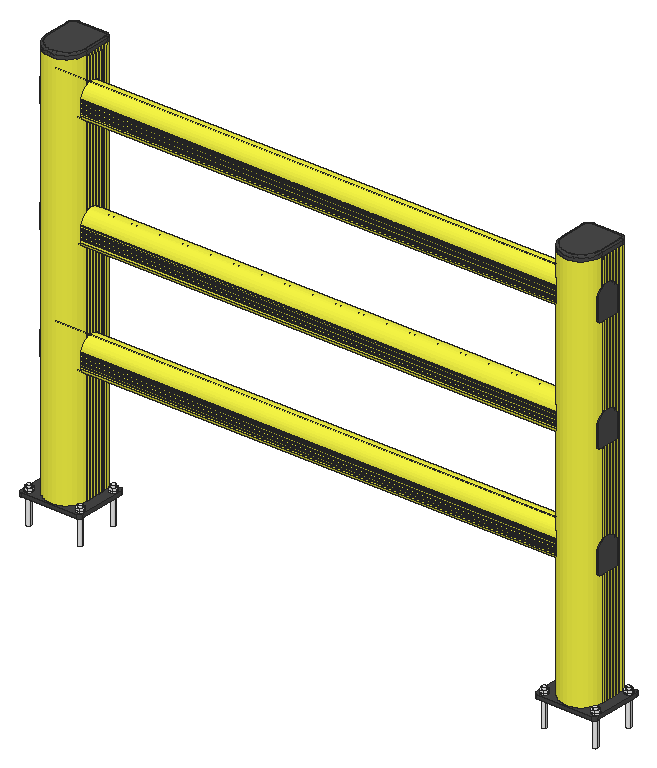
Revit family "Safety & Protection_Barrier_UltiGroup_Pedestrian Guard Rail", category Generic Models, Revit 2016 (continued)
Forms (mm)
  Extrusion 26, solid, material "PVC Black" <- "PVC Black", visible <- "PED 90"
    sketch origin (785, 31.933, 1200) x (0, 1, 0) y (0, 0, -1)
      loop
        arc (-41.936, 814.535) -> (-19.351, 792.142) -> (3.064, 814.704) r 22.5
      loop
        line (3.064, 468.704) -> (3.064, 497.604)
        arc (3.064, 497.604) -> (1.17, 502.128) -> (-3.364, 504) r 6.429
        line (-3.364, 504) -> (-35.507, 504)
        arc (-35.507, 504) -> (-40.053, 502.117) -> (-41.936, 497.571) r 6.429
        line (-41.936, 497.571) -> (-41.936, 468.535)
        arc (-41.936, 468.535) -> (-19.351, 446.142) -> (3.064, 468.704) r 22.5
      loop
        line (3.064, 122.704) -> (3.064, 151.604)
        arc (3.064, 151.604) -> (1.17, 156.128) -> (-3.364, 158) r 6.429
        line (-3.364, 158) -> (-35.507, 158)
        arc (-35.507, 158) -> (-40.053, 156.117) -> (-41.936, 151.571) r 6.429
        line (-41.936, 151.571) -> (-41.936, 122.535)
        arc (-41.936, 122.535) -> (-19.351, 100.142) -> (3.064, 122.704) r 22.5
    from -5 to 0
  Extrusion 27, solid, material "PVC Black" <- "PVC Black", visible <- "PED 90"
    sketch origin (-785, 31.933, 1200) x (0, 1, 0) y (0, 0, 1)
      loop
        line (-41.936, -814.535) -> (-41.936, -843.571)
        arc (-41.936, -843.571) -> (-40.053, -848.117) -> (-35.507, -850) r 6.429
        line (-35.507, -850) -> (-3.364, -850)
        arc (-3.364, -850) -> (1.182, -848.116) -> (3.064, -843.571) r 6.429
        line (3.064, -843.571) -> (3.064, -814.642)
        arc (3.064, -814.642) -> (-19.382, -792.142) -> (-41.936, -814.535) r 22.5
      loop
        line (-41.936, -468.535) -> (-41.936, -497.571)
        arc (-41.936, -497.571) -> (-40.053, -502.117) -> (-35.507, -504) r 6.429
        line (-35.507, -504) -> (-3.364, -503.999)
        arc (-3.364, -503.999) -> (1.17, -502.128) -> (3.064, -497.604) r 6.429
        line (3.064, -497.604) -> (3.064, -468.704)
        arc (3.064, -468.704) -> (-19.351, -446.142) -> (-41.936, -468.535) r 22.5
      loop
        line (-41.936, -122.535) -> (-41.936, -151.571)
        arc (-41.936, -151.571) -> (-40.053, -156.117) -> (-35.507, -158) r 6.429
        line (-35.507, -158) -> (-3.364, -157.999)
        arc (-3.364, -157.999) -> (1.17, -156.128) -> (3.064, -151.604) r 6.429
        line (3.064, -151.604) -> (3.064, -122.704)
        arc (3.064, -122.704) -> (-19.351, -100.142) -> (-41.936, -122.535) r 22.5
    from -5 to 0
  Extrusion 28, solid, material "Steel Black" <- "Steel Black", visible <- "PED 90"
    sketch origin (0, 0, 0) x (1, 0, 0) y (0, 1, 0)
      loop
        line (-810, 50) -> (-810, -50)
        arc (-810, -50) -> (-807.071, -57.071) -> (-800, -60) r 10
        line (-800, -60) -> (-700, -60)
        arc (-700, -60) -> (-692.929, -57.071) -> (-690, -50) r 10
        line (-690, -50) -> (-690, 50)
        arc (-690, 50) -> (-692.929, 57.071) -> (-700, 60) r 10
        line (-700, 60) -> (-800, 60)
        arc (-800, 60) -> (-807.071, 57.071) -> (-810, 50) r 10
      loop
        circle (-795, 45) r 6
      loop
        circle (-705, 45) r 6
      loop
        circle (-795, -45) r 6
      loop
        circle (-705, -45) r 6
      loop
        line (690, 50) -> (690, -50)
        arc (690, -50) -> (692.929, -57.071) -> (700, -60) r 10
        line (700, -60) -> (800, -60)
        arc (800, -60) -> (807.071, -57.071) -> (810, -50) r 10
        line (810, -50) -> (810, 50)
        arc (810, 50) -> (807.071, 57.071) -> (800, 60) r 10
        line (800, 60) -> (700, 60)
        arc (700, 60) -> (692.929, 57.071) -> (690, 50) r 10
      loop
        circle (705, 45) r 6
      loop
        circle (795, 45) r 6
      loop
        circle (705, -45) r 6
      loop
        circle (795, -45) r 6
    from 0 to 10
  Extrusion 29, solid, material "SS Bolts" <- "Stainless Steel", visible <- "PED 90"
    sketch origin (-2440.483, -1524, -80) x (-1, 0, 0) y (0, -1, 0)
      loop
        circle (-1645.483, -1569) r 6
      loop
        circle (-1735.483, -1569) r 6
      loop
        circle (-1645.483, -1479) r 6
      loop
        circle (-1735.483, -1479) r 6
      loop
        circle (-3145.483, -1569) r 6
      loop
        circle (-3235.483, -1569) r 6
      loop
        circle (-3235.483, -1479) r 6
      loop
        circle (-3145.483, -1479) r 6
    from 0 to 105
  Extrusion 30, solid, material "SS Bolts" <- "Stainless Steel", visible <- "PED 90"
    sketch origin (-2440.483, -1524, 10) x (-1, 0, 0) y (0, -1, 0)
      loop
        circle (-3145.483, -1569) r 6
      loop
        circle (-3235.483, -1569) r 6
      loop
        circle (-3235.483, -1479) r 6
      loop
        circle (-3145.483, -1479) r 6
      loop
        circle (-1645.483, -1569) r 6
      loop
        circle (-1735.483, -1569) r 6
      loop
        circle (-1735.483, -1479) r 6
      loop
        circle (-1645.483, -1479) r 6
      loop
        circle (-1645.483, -1569) r 11
      loop
        circle (-1735.483, -1569) r 11
      loop
        circle (-1735.483, -1479) r 11
      loop
        circle (-1645.483, -1479) r 11
      loop
        circle (-3235.483, -1569) r 11
      loop
        circle (-3145.483, -1569) r 11
      loop
        circle (-3145.483, -1479) r 11
      loop
        circle (-3235.483, -1479) r 11
    from 0 to 2
  Extrusion 31, solid, material "SS Bolts" <- "Stainless Steel", visible <- "PED 90"
    sketch origin (-2440.483, -1524, 10) x (-1, 0, 0) y (0, -1, 0)
      loop
        circle (-3145.483, -1569) r 6
      loop
        circle (-3235.483, -1569) r 6
      loop
        circle (-3235.483, -1479) r 6
      loop
        circle (-3145.483, -1479) r 6
      loop
        circle (-1645.483, -1569) r 6
      loop
        circle (-1735.483, -1569) r 6
      loop
        circle (-1735.483, -1479) r 6
      loop
        circle (-1645.483, -1479) r 6
      loop
        line (-1656.483, -1479) -> (-1650.983, -1488.526) -> (-1639.983, -1488.526) -> (-1634.483, -1479) -> (-1639.983, -1469.474) -> (-1650.983, -1469.474) -> (-1656.483, -1479)
      loop
        line (-1746.483, -1479) -> (-1740.983, -1488.526) -> (-1729.983, -1488.526) -> (-1724.483, -1479) -> (-1729.983, -1469.474) -> (-1740.983, -1469.474) -> (-1746.483, -1479)
      loop
        line (-1746.483, -1569) -> (-1740.983, -1578.526) -> (-1729.983, -1578.526) -> (-1724.483, -1569) -> (-1729.983, -1559.474) -> (-1740.983, -1559.474) -> (-1746.483, -1569)
      loop
        line (-1656.483, -1569) -> (-1650.983, -1578.526) -> (-1639.983, -1578.526) -> (-1634.483, -1569) -> (-1639.983, -1559.474) -> (-1650.983, -1559.474) -> (-1656.483, -1569)
      loop
        line (-3156.483, -1569) -> (-3150.983, -1578.526) -> (-3139.983, -1578.526) -> (-3134.483, -1569) -> (-3139.983, -1559.474) -> (-3150.983, -1559.474) -> (-3156.483, -1569)
      loop
        line (-3246.483, -1569) -> (-3240.983, -1578.526) -> (-3229.983, -1578.526) -> (-3224.483, -1569) -> (-3229.983, -1559.474) -> (-3240.983, -1559.474) -> (-3246.483, -1569)
      loop
        line (-3246.483, -1479) -> (-3240.983, -1488.526) -> (-3229.983, -1488.526) -> (-3224.483, -1479) -> (-3229.983, -1469.474) -> (-3240.983, -1469.474) -> (-3246.483, -1479)
      loop
        line (-3156.483, -1479) -> (-3150.983, -1488.526) -> (-3139.983, -1488.526) -> (-3134.483, -1479) -> (-3139.983, -1469.474) -> (-3150.983, -1469.474) -> (-3156.483, -1479)
    from 0 to 10
Cuts and joins
  Extrusion 3, Extrusion 4 cuts Extrusion 2
  Extrusion 17, Extrusion 18 cuts Extrusion 13
  Extrusion 18 cuts Extrusion 8
  joined: Extrusion 29, Extrusion 30, Extrusion 31
Lines and regions (mm)
  sketch lines
    curve 1: line (-708.321, 75.017, 1173) -> (-791.662, 75.017, 1173)
    curve 2: arc (-808.337, 58.342, 1173) -> (-803.453, 70.133, 1173) -> (-791.662, 75.017, 1173) r 16.675
    curve 3: line (-808.337, 58.342, 1173) -> (-808.337, -16.759, 1173)
    curve 4: arc (-691.673, -17.635, 1173) -> (-750.437, -75.091, 1173) -> (-808.333, -16.759, 1173) r 58.333
    curve 5: line (-691.673, -17.635, 1173) -> (-691.673, 58.369, 1173)
    curve 6: arc (-708.321, 75.017, 1173) -> (-696.549, 70.141, 1173) -> (-691.673, 58.369, 1173) r 16.648
    curve 7: line (-725, 45, 1173) -> (-775, 45, 1173)
    curve 8: arc (-725, 45, 1173) -> (-717.929, 42.071, 1173) -> (-715, 35, 1173) r 10
    curve 9: line (-715, -10.047, 1173) -> (-715, 35, 1173)
    curve 10: arc (-715, -10.047, 1173) -> (-750.051, -44.945, 1173) -> (-785, -9.945, 1173) r 35
    curve 11: line (-785, 35.099, 1173) -> (-785, -9.945, 1173)
    curve 12: arc (-785, 35.099, 1173) -> (-782.036, 42.106, 1173) -> (-775, 45, 1173) r 10.001
    curve 13: line (775, 45, 1173) -> (725, 45, 1173)
    curve 14: arc (715, 34.999, 1173) -> (717.929, 42.07, 1173) -> (725, 44.999, 1173) r 10
    curve 15: line (715, 34.999, 1173) -> (715, -9.96, 1173)
    curve 16: arc (785, -9.96, 1173) -> (750, -44.96, 1173) -> (715, -9.96, 1173) r 35
    curve 17: line (785, -9.96, 1173) -> (785, 35, 1173)
    curve 18: arc (775, 45, 1173) -> (782.071, 42.071, 1173) -> (785, 35, 1173) r 10
    curve 19: line (808.337, -16.759, 1173) -> (808.337, 58.342, 1173)
    curve 20: arc (791.662, 75.017, 1173) -> (803.453, 70.133, 1173) -> (808.337, 58.342, 1173) r 16.675
    curve 21: line (791.662, 75.017, 1173) -> (708.321, 75.017, 1173)
    curve 22: arc (691.673, 58.369, 1173) -> (696.549, 70.141, 1173) -> (708.321, 75.017, 1173) r 16.648
    curve 23: line (691.673, 58.369, 1173) -> (691.673, -17.635, 1173)
    curve 24: arc (808.333, -16.759, 1173) -> (750.437, -75.091, 1173) -> (691.673, -17.635, 1173) r 58.333
    curve 25: line (-725, 45, 1173) -> (-775, 45, 1173)
    curve 26: arc (-785, 35.099, 1173) -> (-782.036, 42.106, 1173) -> (-775, 45, 1173) r 10.001
    curve 27: line (-785, 35.099, 1173) -> (-785, -9.945, 1173)
    curve 28: arc (-715, -10.047, 1173) -> (-750.051, -44.945, 1173) -> (-785, -9.945, 1173) r 35
    curve 29: line (-715, -10.047, 1173) -> (-715, 35, 1173)
    curve 30: arc (-725, 45, 1173) -> (-717.929, 42.071, 1173) -> (-715, 35, 1173) r 10
    curve 31: line (775, 45, 1173) -> (725, 45, 1173)
    curve 32: arc (715, 34.999, 1173) -> (717.929, 42.07, 1173) -> (725, 44.999, 1173) r 10
    curve 33: line (715, 34.999, 1173) -> (715, -9.96, 1173)
    curve 34: arc (785, -9.96, 1173) -> (750, -44.96, 1173) -> (715, -9.96, 1173) r 35
    curve 35: line (785, -9.96, 1173) -> (785, 35, 1173)
    curve 36: arc (775, 45, 1173) -> (782.071, 42.071, 1173) -> (785, 35, 1173) r 10
Dimensions and locks
  equal spacing: plane 4, plane 3 "Center (Left/Right)", plane 5
  equal spacing: plane 7, plane 4, plane 8
  equal spacing: plane 9, plane 5, plane 10
  equal spacing: plane 11, plane 1 "Center (Front/Back)", plane 12
  "Plate Length 2": plane 11 to plane 12
  "Plate Length 1": plane 7 to plane 8
  "Plate Length 1": plane 9 to plane 10
  "Post Distance": plane 4 to plane 5
  locked: plane 6 to plane 14 at 15
  locked: plane 7 to plane 15 at 31.663
  locked: plane 16 to plane 8 at 31.673
  locked: plane 11 to plane 17 at 4.983
  locked: plane 18 to plane 12 at 4.907
  locked: plane 10 to plane 19 at 31.663
  locked: plane 20 to plane 9 at 31.673
  "Steel Support Height": plane 21 to level
  locked: plane 22 to plane 1 "Center (Front/Back)" at 35
  locked: plane 1 "Center (Front/Back)" to plane 23 at 35
  "PVC Post Insert": plane 13 to level
  locked: plane 6 to plane 25 at 178
  locked: plane 25 to plane 26 at 330
  locked: plane 26 to plane 27 at 330
  locked: plane 6 to plane 13 at 1178
  locked: level to plane 28 at 80
  locked: plane 17 to plane 29 at 30.017
  locked: plane 15 to plane 30 at 23.337
  locked: plane 31 to plane 16 at 23.327
  locked: plane 19 to plane 32 at 23.337
  locked: plane 33 to plane 20 at 23.327
  locked: plane 34 to plane 4 at 60
  locked: plane 4 to plane 35 at 60
  locked: plane 37 to plane 1 "Center (Front/Back)" at 60
  locked: plane 1 "Center (Front/Back)" to plane 36 at 60
  locked: plane 38 to plane 5 at 60
  locked: plane 5 to plane 39 at 60
  locked: plane 40 to level at 1100
  locked: plane 40 to plane 41 at 58
  locked: plane 42 to plane 27 at 58
  locked: plane 43 to plane 44 at 58
  locked: plane 44 to level at 696
  aligned and locked: level to plane 2
  aligned and locked: Extrusion 1 sketch curve to plane 7
  aligned and locked: Extrusion 1 sketch curve to plane 11
  aligned and locked: Extrusion 1 sketch curve to plane 12
  aligned and locked: Extrusion 1 sketch curve to plane 8
  aligned and locked: Extrusion 1 sketch curve to plane 9
  aligned and locked: Extrusion 1 sketch curve to plane 10
  aligned and locked: Extrusion 2 to plane 14
  aligned and locked: Extrusion 2 sketch curve to plane 15
  aligned and locked: Extrusion 2 sketch curve to plane 16
  aligned and locked: Extrusion 2 sketch curve to plane 17
  aligned and locked: plane 20 to Extrusion 2 sketch curve
  aligned and locked: plane 19 to Extrusion 2 sketch curve
  aligned and locked: plane 25 to Extrusion 3 sketch curve
  aligned and locked: plane 26 to Extrusion 3 sketch curve
  aligned and locked: plane 27 to Extrusion 3 sketch curve
  aligned and locked: plane 27 to Extrusion 4 sketch curve
  aligned and locked: plane 26 to Extrusion 4 sketch curve
  aligned and locked: plane 25 to Extrusion 4 sketch curve
  aligned and locked: Extrusion 4 to plane 9
  aligned and locked: plane 6 to Extrusion 6
  aligned and locked: Extrusion 7 sketch curve to cut or joined group of Extrusion 2, Extrusion 3, Extrusion 4  (x9)
  aligned and locked: plane 25 to Extrusion 8 sketch curve
  aligned and locked: plane 26 to Extrusion 8 sketch curve
  aligned and locked: plane 27 to Extrusion 8 sketch curve
  aligned and locked: Extrusion 8 sketch curve to cut or joined group of Extrusion 2, Extrusion 3, Extrusion 4
  aligned and locked: plane 21 to Extrusion 12
  aligned and locked: Extrusion 13 sketch curve to plane 31
  aligned and locked: plane 6 to Extrusion 16
  aligned and locked: plane 25 to Extrusion 7 sketch curve
  aligned and locked: plane 26 to Extrusion 7 sketch curve
  aligned and locked: plane 27 to Extrusion 7 sketch curve
  aligned and locked: profile plane to Sweep 19 sketch curve  (x2)
  aligned and locked: profile plane to Sweep 20 sketch curve  (x2)
  aligned and locked: profile plane to Sweep 21 sketch curve  (x2)
  aligned and locked: plane 6 to Extrusion 22
  aligned and locked: plane 25 to Extrusion 23 sketch curve
  aligned and locked: plane 26 to Extrusion 23 sketch curve
  aligned and locked: plane 27 to Extrusion 23 sketch curve
  aligned and locked: Extrusion 23 to plane 19
  aligned and locked: Extrusion 24 sketch curve to cut or joined group of Extrusion 13, Extrusion 17, Extrusion 18  (x6)
  aligned and locked: plane 21 to Extrusion 24
  aligned and locked: Extrusion 25 to plane 32
  aligned and locked: Extrusion 25 sketch curve to plane 27
  aligned and locked: plane 27 to Extrusion 26 sketch curve
  aligned and locked: Extrusion 27 sketch curve to plane 27
  aligned and locked: Extrusion 17 sketch curve to plane 27
  aligned and locked: plane 27 to Extrusion 18 sketch curve
  aligned and locked: plane 34 to Extrusion 28 sketch curve
  aligned and locked: plane 35 to Extrusion 28 sketch curve
  aligned and locked: plane 36 to Extrusion 28 sketch curve
  aligned and locked: plane 37 to Extrusion 28 sketch curve
  aligned and locked: plane 13 to Extrusion 28
  aligned and locked: plane 38 to Extrusion 28 sketch curve
  aligned and locked: plane 39 to Extrusion 28 sketch curve
  aligned and locked: Extrusion 29 sketch curve to Extrusion 28  (x16)
  aligned and locked: Extrusion 30 sketch curve to Extrusion 29  (x16)
  aligned and locked: Extrusion 31 sketch curve to cut or joined group of Extrusion 29, Extrusion 30, Extrusion 31  (x16)
  aligned and locked: Extrusion 25 sketch curve to plane 41
  aligned and locked: Extrusion 25 sketch curve to plane 44
  aligned and locked: Extrusion 26 sketch curve to plane 41
  aligned and locked: Extrusion 26 sketch curve to plane 44
  aligned and locked: Extrusion 27 sketch curve to plane 44
  aligned and locked: Extrusion 27 sketch curve to plane 41
  aligned and locked: Extrusion 17 sketch curve to plane 41
  aligned and locked: Extrusion 17 sketch curve to plane 44
  aligned and locked: Extrusion 18 sketch curve to plane 44
  aligned and locked: Extrusion 18 sketch curve to plane 41
Automatic sketch dimensions
  plane 23 to Extrusion 3 sketch curve = 1 mm  (x3)
  Extrusion 3 sketch curve to plane 23 = 10 mm  (x3)
  plane 1 "Center (Front/Back)" to Extrusion 3 sketch curve = 0 mm  (x3)
  plane 22 to Extrusion 3 sketch curve = 10 mm  (x3)
  Extrusion 3 sketch curve to Extrusion 3 sketch curve = 44.972 mm  (x2)
  Extrusion 3 sketch curve to Extrusion 3 sketch curve = 44.971 mm
  plane 25 to Extrusion 3 sketch curve = 10 mm
  plane 25 to Extrusion 3 sketch curve = 10.001 mm
  plane 26 to Extrusion 3 sketch curve = 10 mm
  plane 26 to Extrusion 3 sketch curve = 10.001 mm
  plane 27 to Extrusion 3 sketch curve = 10 mm
  plane 27 to Extrusion 3 sketch curve = 10.001 mm
  Extrusion 4 sketch curve to Extrusion 4 sketch curve = 0 mm  (x4)
  plane 22 to Extrusion 4 sketch curve = 10 mm  (x2)
  plane 22 to Extrusion 4 sketch curve = 5.417 mm
  Extrusion 4 sketch curve to Extrusion 4 sketch curve = 44.972 mm  (x2)
  plane 1 "Center (Front/Back)" to Extrusion 4 sketch curve = 0 mm  (x3)
  Extrusion 4 sketch curve to plane 23 = 10 mm  (x3)
  plane 25 to Extrusion 4 sketch curve = 10.001 mm
  plane 23 to Extrusion 4 sketch curve = 1 mm  (x3)
  plane 27 to Extrusion 4 sketch curve = 54.973 mm
  plane 27 to Extrusion 4 sketch curve = 10 mm
  Extrusion 1 sketch curve to plane 11 = 0 mm
  Extrusion 1 sketch curve to plane 12 = 0 mm
  plane 18 to Extrusion 1 sketch curve = 5.093 mm  (x3)
  plane 7 to Extrusion 1 sketch curve = 10 mm
  Extrusion 1 sketch curve to Extrusion 1 sketch curve = 5 mm  (x4)
  Extrusion 1 sketch curve to plane 8 = 15 mm  (x2)
  Extrusion 1 sketch curve to plane 8 = 10 mm
  Extrusion 1 sketch curve to plane 17 = 5.017 mm
  plane 9 to Extrusion 1 sketch curve = 10 mm
  Extrusion 1 sketch curve to plane 10 = 15 mm  (x2)
  Extrusion 1 sketch curve to plane 10 = 10 mm
  Extrusion 1 sketch curve to Extrusion 1 sketch curve = 10 mm  (x8)
  Extrusion 2 sketch curve to plane 19 = 0 mm
  plane 17 to Extrusion 2 sketch curve = 0 mm
  Extrusion 2 sketch curve to plane 20 = 0 mm
  Extrusion 2 sketch curve to plane 1 "Center (Front/Back)" = 0.696 mm  (x4)
  Extrusion 2 sketch curve to plane 19 = 4.154 mm  (x2)
  Extrusion 2 sketch curve to plane 19 = 4.155 mm  (x3)
  Extrusion 2 sketch curve to plane 23 = 1.213 mm  (x2)
  plane 29 to Extrusion 2 sketch curve = 0.184 mm  (x2)
  Extrusion 2 sketch curve to plane 19 = 4.156 mm
  plane 19 to Extrusion 2 sketch curve = 2.361 mm
  plane 19 to Extrusion 2 sketch curve = 4.17 mm
  plane 19 to Extrusion 2 sketch curve = 4.171 mm  (x4)
  plane 19 to Extrusion 2 sketch curve = 6.139 mm
  Extrusion 2 sketch curve to plane 29 = 1.668 mm
  Extrusion 2 sketch curve to plane 32 = 6.666 mm
  Extrusion 2 sketch curve to plane 32 = 6.662 mm
  plane 32 to Extrusion 2 sketch curve = 5 mm
  Extrusion 2 sketch curve to plane 5 = 0 mm
  Extrusion 2 sketch curve to plane 5 = 0.001 mm
  Extrusion 2 sketch curve to plane 33 = 5.199 mm
  Extrusion 2 sketch curve to plane 29 = 1.669 mm  (x2)
  plane 33 to Extrusion 2 sketch curve = 6.679 mm
  Extrusion 2 sketch curve to plane 20 = 6.128 mm
  Extrusion 2 sketch curve to plane 20 = 4.163 mm
  Extrusion 2 sketch curve to plane 20 = 4.162 mm
  Extrusion 2 sketch curve to plane 20 = 4.161 mm  (x3)
  Extrusion 2 sketch curve to plane 20 = 2.355 mm
  plane 29 to Extrusion 2 sketch curve = 0.178 mm  (x2)
  plane 20 to Extrusion 2 sketch curve = 4.162 mm
  plane 20 to Extrusion 2 sketch curve = 4.163 mm
  Extrusion 2 sketch curve to plane 23 = 1.211 mm  (x2)
  plane 20 to Extrusion 2 sketch curve = 4.164 mm  (x3)
  plane 20 to Extrusion 2 sketch curve = 4.165 mm
  plane 16 to Extrusion 2 sketch curve = 4.165 mm
  plane 16 to Extrusion 2 sketch curve = 4.164 mm  (x3)
  plane 16 to Extrusion 2 sketch curve = 4.163 mm
  plane 16 to Extrusion 2 sketch curve = 4.162 mm
  plane 16 to Extrusion 2 sketch curve = 0 mm
  Extrusion 2 sketch curve to plane 16 = 2.355 mm
  Extrusion 2 sketch curve to plane 16 = 4.161 mm  (x3)
  Extrusion 2 sketch curve to plane 16 = 4.162 mm
  Extrusion 2 sketch curve to plane 16 = 4.163 mm
  Extrusion 2 sketch curve to plane 16 = 6.128 mm
  plane 31 to Extrusion 2 sketch curve = 6.679 mm
  plane 31 to Extrusion 2 sketch curve = 6.668 mm
  Extrusion 2 sketch curve to plane 31 = 4.999 mm
  Extrusion 2 sketch curve to plane 31 = 5.199 mm
  plane 4 to Extrusion 2 sketch curve = 0.001 mm
  plane 4 to Extrusion 2 sketch curve = 0 mm
  plane 30 to Extrusion 2 sketch curve = 5 mm
  Extrusion 2 sketch curve to plane 30 = 6.662 mm
  plane 15 to Extrusion 2 sketch curve = 6.139 mm
  plane 15 to Extrusion 2 sketch curve = 4.171 mm  (x4)
  plane 15 to Extrusion 2 sketch curve = 4.17 mm
  plane 15 to Extrusion 2 sketch curve = 2.361 mm
  plane 15 to Extrusion 2 sketch curve = 0 mm
  Extrusion 2 sketch curve to plane 15 = 4.154 mm  (x2)
  Extrusion 2 sketch curve to plane 15 = 4.155 mm  (x3)
  Extrusion 2 sketch curve to plane 15 = 4.156 mm
  Extrusion 2 sketch curve to plane 29 = 3.242 mm  (x4)
  Extrusion 2 sketch curve to Extrusion 2 sketch curve = 0.112 mm  (x2)
  Extrusion 2 sketch curve to Extrusion 2 sketch curve = 0.118 mm  (x2)
  plane 23 to Extrusion 2 sketch curve = 4.303 mm  (x4)
  Extrusion 2 sketch curve to plane 23 = 6.726 mm  (x2)
  Extrusion 2 sketch curve to plane 23 = 6.727 mm  (x2)
  Extrusion 2 sketch curve to Extrusion 2 sketch curve = 5.515 mm  (x2)
  Extrusion 2 sketch curve to Extrusion 2 sketch curve = 5.516 mm  (x4)
  Extrusion 2 sketch curve to Extrusion 2 sketch curve = 5.514 mm  (x4)
  Extrusion 2 sketch curve to Extrusion 2 sketch curve = 5.517 mm  (x4)
  Extrusion 2 sketch curve to plane 1 "Center (Front/Back)" = 6.214 mm  (x4)
  plane 1 "Center (Front/Back)" to Extrusion 2 sketch curve = 4.82 mm  (x4)
  Extrusion 2 sketch curve to Extrusion 2 sketch curve = 5.518 mm  (x2)
  Extrusion 2 sketch curve to Extrusion 2 sketch curve = 3.668 mm  (x2)
  Extrusion 2 sketch curve to Extrusion 2 sketch curve = 3.782 mm  (x2)
  Extrusion 2 sketch curve to Extrusion 2 sketch curve = 0.628 mm  (x2)
  Extrusion 2 sketch curve to Extrusion 2 sketch curve = 0.514 mm  (x2)
  plane 1 "Center (Front/Back)" to Extrusion 2 sketch curve = 16.666 mm  (x2)
  Extrusion 2 sketch curve to Extrusion 2 sketch curve = 0.094 mm  (x2)
  Extrusion 2 sketch curve to Extrusion 2 sketch curve = 3.63 mm  (x2)
  Extrusion 2 sketch curve to plane 19 = 0.131 mm  (x2)
  Extrusion 2 sketch curve to plane 19 = 0.132 mm  (x2)
  Extrusion 2 sketch curve to plane 19 = 0.133 mm
  plane 19 to Extrusion 2 sketch curve = 0.153 mm  (x3)
  plane 19 to Extrusion 2 sketch curve = 0.154 mm  (x2)
  plane 19 to Extrusion 2 sketch curve = 0.295 mm
  Extrusion 2 sketch curve to plane 20 = 0.369 mm
  Extrusion 2 sketch curve to plane 20 = 0.285 mm
  Extrusion 2 sketch curve to plane 20 = 0.14 mm
  Extrusion 2 sketch curve to plane 20 = 0.139 mm  (x2)
  Extrusion 2 sketch curve to plane 20 = 0.138 mm  (x2)
  plane 20 to Extrusion 2 sketch curve = 0.144 mm
  plane 20 to Extrusion 2 sketch curve = 0.146 mm
  plane 20 to Extrusion 2 sketch curve = 0.147 mm  (x2)
  plane 16 to Extrusion 2 sketch curve = 0.147 mm  (x3)
  plane 16 to Extrusion 2 sketch curve = 0.146 mm
  plane 16 to Extrusion 2 sketch curve = 0.144 mm
  Extrusion 2 sketch curve to plane 16 = 0.138 mm  (x2)
  Extrusion 2 sketch curve to plane 16 = 0.139 mm  (x2)
  Extrusion 2 sketch curve to plane 16 = 0.14 mm
  Extrusion 2 sketch curve to plane 16 = 0.285 mm
  plane 15 to Extrusion 2 sketch curve = 0.38 mm
  plane 15 to Extrusion 2 sketch curve = 0.295 mm
  plane 15 to Extrusion 2 sketch curve = 0.154 mm  (x2)
  plane 15 to Extrusion 2 sketch curve = 0.153 mm  (x3)
  Extrusion 2 sketch curve to plane 15 = 0.131 mm  (x2)
  Extrusion 2 sketch curve to plane 15 = 0.132 mm  (x2)
  Extrusion 2 sketch curve to Extrusion 2 sketch curve = 0 mm  (x2)
  Sweep 5 sketch curve to profile plane = 0 mm  (x2)
  Sweep 5 sketch curve to Sweep 5 sketch curve = 5 mm
  Sweep 5 sketch curve to Sweep 5 sketch curve = 0 mm  (x2)
  profile plane to Sweep 5 sketch curve = 10 mm
  Extrusion 6 sketch curve to Extrusion 2 = 0.012 mm  (x2)
  Extrusion 6 sketch curve to Extrusion 2 = 0.035 mm
  Extrusion 6 sketch curve to Extrusion 2 = 5 mm
  Extrusion 6 sketch curve to Extrusion 6 sketch curve = 0 mm  (x2)
  Extrusion 8 sketch curve to plane 22 = 1 mm  (x2)
  plane 22 to Extrusion 8 sketch curve = 5.417 mm  (x3)
  plane 22 to Extrusion 8 sketch curve = 10 mm  (x3)
  plane 1 "Center (Front/Back)" to Extrusion 8 sketch curve = 0 mm  (x2)
  Extrusion 8 sketch curve to plane 23 = 10 mm  (x3)
  Extrusion 8 sketch curve to plane 23 = 5.42 mm  (x3)
  Extrusion 8 sketch curve to Extrusion 8 sketch curve = 44.972 mm  (x2)
  Extrusion 11 sketch curve to Extrusion 11 sketch curve = 5 mm  (x16)
  Extrusion 11 sketch curve to Extrusion 11 sketch curve = 0.5 mm  (x32)
  Extrusion 11 sketch curve to Extrusion 11 sketch curve = 0 mm  (x16)
  Extrusion 11 sketch curve to Extrusion 11 sketch curve = 9.526 mm  (x16)
  Extrusion 12 sketch curve to Extrusion 12 sketch curve = 0 mm  (x12)
  Extrusion 12 sketch curve to plane 29 = 1.668 mm
  Extrusion 12 sketch curve to plane 30 = 6.666 mm
  Extrusion 12 sketch curve to Extrusion 12 sketch curve = 2 mm  (x2)
  plane 30 to Extrusion 12 sketch curve = 5 mm
  plane 4 to Extrusion 12 sketch curve = 0.001 mm
  Extrusion 12 sketch curve to plane 31 = 5.199 mm
  Extrusion 12 sketch curve to Extrusion 12 sketch curve = 0.018 mm
  Extrusion 12 sketch curve to plane 29 = 1.669 mm
  plane 33 to Extrusion 12 sketch curve = 6.668 mm
  Extrusion 12 sketch curve to plane 33 = 4.999 mm
  Extrusion 12 sketch curve to plane 33 = 5.181 mm
  Extrusion 12 sketch curve to plane 5 = 0.001 mm
  plane 32 to Extrusion 12 sketch curve = 5 mm
  plane 1 "Center (Front/Back)" to Extrusion 12 sketch curve = 16.666 mm  (x2)
  plane 29 to Extrusion 13 sketch curve = 0 mm  (x2)
  Extrusion 13 sketch curve to plane 31 = 0 mm  (x2)
  Extrusion 13 sketch curve to plane 1 "Center (Front/Back)" = 0.417 mm  (x4)
  plane 31 to Extrusion 13 sketch curve = 2.495 mm  (x3)
  plane 31 to Extrusion 13 sketch curve = 2.496 mm  (x3)
  plane 33 to Extrusion 13 sketch curve = 2.496 mm
  plane 33 to Extrusion 13 sketch curve = 2.495 mm  (x5)
  plane 33 to Extrusion 13 sketch curve = 0 mm  (x2)
  Extrusion 13 sketch curve to plane 33 = 1.415 mm
  Extrusion 13 sketch curve to plane 33 = 2.5 mm  (x5)
  Extrusion 13 sketch curve to plane 33 = 3.681 mm
  Extrusion 13 sketch curve to Extrusion 13 sketch curve = 6.319 mm  (x2)
  Extrusion 13 sketch curve to plane 23 = 0.001 mm  (x4)
  Extrusion 13 sketch curve to Extrusion 13 sketch curve = 0 mm  (x9)
  Extrusion 13 sketch curve to Extrusion 13 sketch curve = 7 mm  (x4)
  Extrusion 13 sketch curve to plane 5 = 0 mm
  plane 5 to Extrusion 13 sketch curve = 0 mm
  Extrusion 13 sketch curve to Extrusion 13 sketch curve = 7.12 mm
  Extrusion 13 sketch curve to plane 23 = 7 mm
  Extrusion 13 sketch curve to plane 23 = 0 mm  (x2)
  plane 32 to Extrusion 13 sketch curve = 3.681 mm
  plane 32 to Extrusion 13 sketch curve = 2.5 mm  (x5)
  Extrusion 13 sketch curve to plane 32 = 0 mm
  Extrusion 13 sketch curve to plane 32 = 2.495 mm  (x3)
  Extrusion 13 sketch curve to plane 32 = 2.496 mm  (x3)
  Extrusion 13 sketch curve to plane 31 = 2.5 mm  (x5)
  Extrusion 13 sketch curve to plane 31 = 3.681 mm
  Extrusion 13 sketch curve to Extrusion 13 sketch curve = 0.12 mm
  plane 4 to Extrusion 13 sketch curve = 0 mm  (x2)
  plane 30 to Extrusion 13 sketch curve = 3.681 mm
  plane 30 to Extrusion 13 sketch curve = 2.5 mm  (x5)
  plane 30 to Extrusion 13 sketch curve = 1.415 mm
  Extrusion 13 sketch curve to plane 30 = 0 mm  (x2)
  Extrusion 13 sketch curve to plane 30 = 2.495 mm  (x5)
  Extrusion 13 sketch curve to plane 30 = 2.496 mm
  plane 23 to Extrusion 13 sketch curve = 0.099 mm
  Extrusion 13 sketch curve to plane 23 = 5.97 mm
  Extrusion 13 sketch curve to plane 23 = 6.056 mm
  Extrusion 13 sketch curve to Extrusion 13 sketch curve = 0.086 mm
  Extrusion 13 sketch curve to Extrusion 13 sketch curve = 6.445 mm  (x2)
  Extrusion 13 sketch curve to Extrusion 13 sketch curve = 2.141 mm
  Extrusion 13 sketch curve to Extrusion 13 sketch curve = 2.055 mm
  Extrusion 13 sketch curve to Extrusion 13 sketch curve = 1.665 mm  (x2)
  Extrusion 13 sketch curve to Extrusion 13 sketch curve = 4.973 mm  (x2)
  Extrusion 13 sketch curve to Extrusion 13 sketch curve = 5.364 mm  (x2)
  Extrusion 13 sketch curve to Extrusion 13 sketch curve = 3.309 mm  (x12)
  Extrusion 13 sketch curve to Extrusion 13 sketch curve = 3.308 mm  (x8)
  Extrusion 13 sketch curve to plane 1 "Center (Front/Back)" = 3.728 mm  (x4)
  plane 1 "Center (Front/Back)" to Extrusion 13 sketch curve = 2.893 mm  (x4)
  Extrusion 13 sketch curve to Extrusion 13 sketch curve = 3.311 mm  (x4)
  Extrusion 13 sketch curve to Extrusion 13 sketch curve = 2.24 mm  (x4)
  Extrusion 13 sketch curve to Extrusion 13 sketch curve = 0.337 mm  (x2)
  Extrusion 13 sketch curve to Extrusion 13 sketch curve = 0.338 mm  (x2)
  Extrusion 13 sketch curve to Extrusion 13 sketch curve = 1.501 mm
  Extrusion 13 sketch curve to Extrusion 13 sketch curve = 1.516 mm
  Extrusion 13 sketch curve to Extrusion 13 sketch curve = 0.041 mm
  Extrusion 13 sketch curve to Extrusion 13 sketch curve = 1.219 mm
  plane 31 to Extrusion 13 sketch curve = 0.085 mm  (x5)
  plane 33 to Extrusion 13 sketch curve = 0.082 mm  (x2)
  plane 33 to Extrusion 13 sketch curve = 0.081 mm  (x3)
  Extrusion 13 sketch curve to plane 33 = 0.09 mm  (x5)
  Extrusion 13 sketch curve to plane 33 = 0.176 mm
  Extrusion 13 sketch curve to plane 33 = 0.225 mm
  plane 32 to Extrusion 13 sketch curve = 0.225 mm
  plane 32 to Extrusion 13 sketch curve = 0.087 mm  (x2)
  plane 32 to Extrusion 13 sketch curve = 0.086 mm  (x3)
  plane 32 to Extrusion 13 sketch curve = 0 mm
  Extrusion 13 sketch curve to plane 32 = 0.085 mm  (x4)
  Extrusion 13 sketch curve to plane 31 = 0.086 mm  (x3)
  Extrusion 13 sketch curve to plane 31 = 0.087 mm  (x2)
  plane 30 to Extrusion 13 sketch curve = 0.225 mm
  plane 30 to Extrusion 13 sketch curve = 0.176 mm
  plane 30 to Extrusion 13 sketch curve = 0.09 mm  (x5)
  Extrusion 13 sketch curve to plane 30 = 0.081 mm  (x3)
  Extrusion 13 sketch curve to plane 30 = 0.082 mm
  Sweep 14 sketch curve to profile plane = 0 mm  (x2)
  Sweep 14 sketch curve to Sweep 14 sketch curve = 5 mm
  Sweep 14 sketch curve to Sweep 14 sketch curve = 0 mm  (x2)
  profile plane to Sweep 14 sketch curve = 10 mm
  Sweep 15 sketch curve to profile plane = 0 mm  (x2)
  profile plane to Sweep 15 sketch curve = 10 mm
  Sweep 15 sketch curve to profile plane = 5 mm
  Sweep 15 sketch curve to Sweep 15 sketch curve = 0 mm  (x2)
  Extrusion 13 to Extrusion 16 sketch curve = 0 mm
  Extrusion 16 sketch curve to Extrusion 13 = 0.071 mm
  Extrusion 16 sketch curve to Extrusion 13 = 0 mm
  Sweep 19 sketch curve to Sweep 19 sketch curve = 5 mm
  Sweep 19 sketch curve to profile plane = 5 mm
  profile plane to Sweep 19 sketch curve = 10 mm
  Sweep 19 sketch curve to Sweep 19 sketch curve = 0 mm
  Sweep 20 sketch curve to Sweep 20 sketch curve = 0 mm  (x2)
  profile plane to Sweep 20 sketch curve = 10 mm
  Sweep 20 sketch curve to profile plane = 5 mm
  Sweep 21 sketch curve to Sweep 21 sketch curve = 0 mm  (x2)
  profile plane to Sweep 21 sketch curve = 10 mm
  Sweep 21 sketch curve to Sweep 21 sketch curve = 5 mm
  Extrusion 22 sketch curve to plane 16 = 5 mm
  plane 31 to Extrusion 22 sketch curve = 6.679 mm
  Extrusion 22 sketch curve to plane 4 = 0.001 mm
  Extrusion 22 sketch curve to plane 30 = 6.662 mm
  plane 15 to Extrusion 22 sketch curve = 5.001 mm
  Extrusion 22 sketch curve to plane 17 = 5 mm  (x2)
  plane 1 "Center (Front/Back)" to Extrusion 22 sketch curve = 16.759 mm  (x2)
  Extrusion 22 sketch curve to plane 20 = 5 mm
  plane 33 to Extrusion 22 sketch curve = 6.679 mm
  plane 5 to Extrusion 22 sketch curve = 0.001 mm
  Extrusion 22 sketch curve to plane 32 = 6.662 mm
  Extrusion 22 sketch curve to Extrusion 22 sketch curve = 11.675 mm
  Extrusion 23 sketch curve to plane 22 = 2.497 mm  (x12)
  Extrusion 23 sketch curve to plane 22 = 2.496 mm  (x6)
  Extrusion 23 sketch curve to plane 22 = 0.002 mm  (x6)
  plane 22 to Extrusion 23 sketch curve = 1.413 mm  (x3)
  plane 22 to Extrusion 23 sketch curve = 2.498 mm  (x15)
  plane 22 to Extrusion 23 sketch curve = 3.679 mm  (x3)
  Extrusion 23 sketch curve to Extrusion 23 sketch curve = 6.319 mm
  Extrusion 23 sketch curve to Extrusion 23 sketch curve = 0 mm  (x12)
  Extrusion 23 sketch curve to Extrusion 23 sketch curve = 7 mm  (x12)
  plane 1 "Center (Front/Back)" to Extrusion 23 sketch curve = 0.002 mm  (x6)
  Extrusion 23 sketch curve to plane 23 = 3.683 mm  (x3)
  Extrusion 23 sketch curve to plane 23 = 2.502 mm  (x15)
  Extrusion 23 sketch curve to plane 23 = 0.002 mm  (x3)
  plane 23 to Extrusion 23 sketch curve = 2.492 mm  (x6)
  plane 23 to Extrusion 23 sketch curve = 2.493 mm  (x12)
  plane 27 to Extrusion 23 sketch curve = 10.001 mm
  Extrusion 23 sketch curve to Extrusion 23 sketch curve = 5.978 mm  (x3)
  Extrusion 23 sketch curve to Extrusion 23 sketch curve = 0.077 mm  (x3)
  Extrusion 23 sketch curve to Extrusion 23 sketch curve = 6.446 mm  (x3)
  Extrusion 23 sketch curve to Extrusion 23 sketch curve = 2.132 mm  (x3)
  Extrusion 23 sketch curve to Extrusion 23 sketch curve = 1.665 mm  (x3)
  Extrusion 23 sketch curve to Extrusion 23 sketch curve = 4.973 mm  (x3)
  Extrusion 23 sketch curve to Extrusion 23 sketch curve = 5.364 mm  (x3)
  Extrusion 23 sketch curve to Extrusion 23 sketch curve = 3.309 mm  (x18)
  Extrusion 23 sketch curve to Extrusion 23 sketch curve = 3.308 mm  (x18)
  Extrusion 23 sketch curve to Extrusion 23 sketch curve = 3.311 mm  (x12)
  Extrusion 23 sketch curve to Extrusion 23 sketch curve = 3.31 mm  (x6)
  Extrusion 23 sketch curve to Extrusion 23 sketch curve = 2.241 mm  (x6)
  Extrusion 23 sketch curve to Extrusion 23 sketch curve = 0.336 mm  (x6)
  Extrusion 23 sketch curve to Extrusion 23 sketch curve = 1.5 mm
  Extrusion 23 sketch curve to Extrusion 23 sketch curve = 0.056 mm  (x3)
  plane 26 to Extrusion 23 sketch curve = 10.001 mm  (x2)
  Extrusion 23 sketch curve to Extrusion 23 sketch curve = 1.164 mm  (x2)
  plane 25 to Extrusion 23 sketch curve = 10.001 mm
  plane 12 to Extrusion 23 sketch curve = 54.998 mm  (x2)
  Extrusion 23 sketch curve to plane 22 = 0.084 mm  (x3)
  Extrusion 23 sketch curve to plane 22 = 0.083 mm  (x12)
  plane 22 to Extrusion 23 sketch curve = 0.088 mm  (x15)
  plane 22 to Extrusion 23 sketch curve = 0.174 mm  (x3)
  plane 22 to Extrusion 23 sketch curve = 9.998 mm  (x2)
  Extrusion 23 sketch curve to plane 23 = 0.227 mm  (x3)
  Extrusion 23 sketch curve to plane 23 = 0.089 mm  (x6)
  Extrusion 23 sketch curve to plane 23 = 0.088 mm  (x9)
  plane 23 to Extrusion 23 sketch curve = 0.083 mm  (x12)
  Extrusion 24 sketch curve to Extrusion 24 sketch curve = 7 mm
  Extrusion 24 sketch curve to Extrusion 24 sketch curve = 0 mm  (x12)
  Extrusion 24 sketch curve to Extrusion 24 sketch curve = 2 mm
  Extrusion 24 sketch curve to Extrusion 24 sketch curve = 0.019 mm  (x2)
  plane 29 to Extrusion 28 sketch curve = 0 mm  (x4)
  plane 37 to Extrusion 28 sketch curve = 0 mm
  plane 36 to Extrusion 28 sketch curve = 0 mm
  plane 15 to Extrusion 28 sketch curve = 8.337 mm  (x2)
  Extrusion 28 sketch curve to Extrusion 28 sketch curve = 5 mm  (x10)
  plane 31 to Extrusion 28 sketch curve = 10 mm  (x2)
  Extrusion 28 sketch curve to plane 16 = 8.327 mm
  Extrusion 28 sketch curve to plane 29 = 5 mm
  Extrusion 28 sketch curve to plane 20 = 8.327 mm
  Extrusion 28 sketch curve to plane 32 = 10 mm  (x2)
  plane 19 to Extrusion 28 sketch curve = 8.337 mm
  Extrusion 30 sketch curve to Extrusion 30 sketch curve = 0 mm  (x16)
  plane 1 "Center (Front/Back)" to Extrusion 25 sketch curve = 11.607 mm  (x4)
  Extrusion 25 sketch curve to Extrusion 25 sketch curve = 0 mm  (x25)
  plane 44 to Extrusion 25 sketch curve = 15.897 mm  (x2)
  Extrusion 25 sketch curve to Extrusion 25 sketch curve = 0.001 mm  (x4)
  Extrusion 25 sketch curve to Extrusion 25 sketch curve = 1.603 mm  (x3)
  Extrusion 25 sketch curve to Extrusion 25 sketch curve = 1.604 mm  (x3)
  Extrusion 25 sketch curve to Extrusion 25 sketch curve = 1.607 mm  (x6)
  Extrusion 25 sketch curve to Extrusion 25 sketch curve = 3.211 mm  (x9)
  plane 44 to Extrusion 25 sketch curve = 13.769 mm  (x2)
  plane 1 "Center (Front/Back)" to Extrusion 25 sketch curve = 3.574 mm  (x3)
  plane 1 "Center (Front/Back)" to Extrusion 25 sketch curve = 2.002 mm  (x6)
  Extrusion 25 sketch curve to plane 1 "Center (Front/Back)" = 0.998 mm  (x6)
  Extrusion 25 sketch curve to plane 1 "Center (Front/Back)" = 12.498 mm  (x3)
  Extrusion 25 sketch curve to Extrusion 25 sketch curve = 3 mm  (x3)
  Extrusion 25 sketch curve to Extrusion 25 sketch curve = 1.571 mm  (x9)
  Extrusion 25 sketch curve to plane 23 = 1.609 mm  (x15)
  Extrusion 25 sketch curve to plane 23 = 0.002 mm  (x6)
  plane 23 to Extrusion 25 sketch curve = 1.601 mm  (x6)
  plane 23 to Extrusion 25 sketch curve = 1.602 mm  (x12)
  plane 24 to Extrusion 25 sketch curve = 6.396 mm
  Extrusion 25 sketch curve to Extrusion 25 sketch curve = 0.033 mm  (x3)
  Extrusion 25 sketch curve to Extrusion 25 sketch curve = 4.144 mm  (x2)
  Extrusion 25 sketch curve to Extrusion 25 sketch curve = 4.176 mm  (x3)
  Extrusion 25 sketch curve to Extrusion 25 sketch curve = 1.07 mm  (x6)
  Extrusion 25 sketch curve to Extrusion 25 sketch curve = 3.197 mm  (x5)
  Extrusion 25 sketch curve to Extrusion 25 sketch curve = 2.128 mm  (x34)
  Extrusion 25 sketch curve to Extrusion 25 sketch curve = 2.127 mm  (x16)
  Extrusion 25 sketch curve to Extrusion 25 sketch curve = 1.072 mm  (x6)
  Extrusion 25 sketch curve to Extrusion 25 sketch curve = 4.569 mm  (x4)
  Extrusion 25 sketch curve to Extrusion 25 sketch curve = 1.42 mm  (x3)
  plane 26 to Extrusion 25 sketch curve = 22.396 mm
  plane 44 to Extrusion 25 sketch curve = 18.024 mm  (x2)
  plane 41 to Extrusion 25 sketch curve = 6.396 mm
  Extrusion 25 sketch curve to Extrusion 25 sketch curve = 1.552 mm  (x6)
  plane 44 to Extrusion 25 sketch curve = 14.752 mm
  Extrusion 25 sketch curve to Extrusion 25 sketch curve = 1.66 mm  (x3)
  Extrusion 25 sketch curve to Extrusion 25 sketch curve = 1.659 mm  (x3)
  Extrusion 25 sketch curve to Extrusion 25 sketch curve = 1.551 mm  (x3)
  plane 44 to Extrusion 25 sketch curve = 16.875 mm
  Extrusion 25 sketch curve to Extrusion 25 sketch curve = 1.55 mm  (x8)
  Extrusion 25 sketch curve to Extrusion 25 sketch curve = 1.662 mm  (x2)
  Extrusion 25 sketch curve to plane 23 = 0.06 mm  (x15)
  Extrusion 25 sketch curve to plane 23 = 0.058 mm  (x9)
  plane 23 to Extrusion 25 sketch curve = 0.05 mm  (x3)
  Extrusion 25 sketch curve to plane 11 = 51.431 mm
  Extrusion 25 sketch curve to Extrusion 25 sketch curve = 0.036 mm  (x3)
  Extrusion 26 sketch curve to plane 24 = 6.429 mm
  Extrusion 26 sketch curve to plane 1 "Center (Front/Back)" = 10.002 mm  (x3)
  Extrusion 26 sketch curve to plane 25 = 38.429 mm
  plane 1 "Center (Front/Back)" to Extrusion 26 sketch curve = 12.498 mm  (x3)
  Extrusion 26 sketch curve to plane 41 = 35.358 mm
  plane 23 to Extrusion 26 sketch curve = 6.431 mm  (x3)
  plane 23 to Extrusion 26 sketch curve = 0.002 mm  (x3)
  Extrusion 26 sketch curve to plane 24 = 6.396 mm
  Extrusion 26 sketch curve to Extrusion 26 sketch curve = 0.033 mm  (x3)
  plane 42 to Extrusion 26 sketch curve = 22.704 mm
  Extrusion 26 sketch curve to Extrusion 26 sketch curve = 0.062 mm  (x2)
  Extrusion 26 sketch curve to plane 26 = 22.396 mm
  Extrusion 26 sketch curve to plane 44 = 35.296 mm
  Extrusion 26 sketch curve to plane 25 = 38.396 mm
  Extrusion 26 sketch curve to plane 41 = 35.296 mm
  Extrusion 26 sketch curve to Extrusion 26 sketch curve = 0 mm  (x2)
  plane 11 to Extrusion 26 sketch curve = 51.431 mm
  Extrusion 26 sketch curve to plane 1 "Center (Front/Back)" = 3.574 mm
  plane 24 to Extrusion 27 sketch curve = 6.429 mm
  plane 1 "Center (Front/Back)" to Extrusion 27 sketch curve = 10.002 mm  (x3)
  plane 25 to Extrusion 27 sketch curve = 38.429 mm
  plane 26 to Extrusion 27 sketch curve = 22.429 mm
  plane 41 to Extrusion 27 sketch curve = 35.358 mm
  Extrusion 27 sketch curve to plane 1 "Center (Front/Back)" = 12.498 mm  (x3)
  Extrusion 27 sketch curve to plane 23 = 6.431 mm  (x3)
  Extrusion 27 sketch curve to plane 23 = 0.002 mm  (x3)
  Extrusion 27 sketch curve to Extrusion 27 sketch curve = 6.429 mm
  Extrusion 27 sketch curve to plane 42 = 22.642 mm
  plane 26 to Extrusion 27 sketch curve = 22.396 mm
  Extrusion 27 sketch curve to Extrusion 27 sketch curve = 0.033 mm  (x2)
  plane 44 to Extrusion 27 sketch curve = 35.296 mm
  Extrusion 27 sketch curve to Extrusion 27 sketch curve = 0.062 mm
  plane 25 to Extrusion 27 sketch curve = 38.396 mm
  plane 41 to Extrusion 27 sketch curve = 35.296 mm
  Extrusion 27 sketch curve to Extrusion 27 sketch curve = 0 mm  (x2)
  Extrusion 27 sketch curve to plane 11 = 51.431 mm
  Extrusion 17 sketch curve to plane 23 = 0.998 mm  (x3)
  plane 23 to Extrusion 17 sketch curve = 2.709 mm
  Extrusion 17 sketch curve to plane 24 = 6.429 mm
  Extrusion 17 sketch curve to Extrusion 17 sketch curve = 7.429 mm  (x4)
  Extrusion 17 sketch curve to plane 25 = 38.429 mm
  Extrusion 17 sketch curve to plane 26 = 22.429 mm
  plane 1 "Center (Front/Back)" to Extrusion 17 sketch curve = 12.498 mm  (x3)
  Extrusion 17 sketch curve to plane 41 = 35.358 mm
  Extrusion 17 sketch curve to plane 1 "Center (Front/Back)" = 3.574 mm  (x3)
  Extrusion 17 sketch curve to plane 1 "Center (Front/Back)" = 7.296 mm
  Extrusion 17 sketch curve to plane 1 "Center (Front/Back)" = 11.002 mm  (x2)
  Extrusion 17 sketch curve to Extrusion 17 sketch curve = 3.706 mm  (x2)
  plane 42 to Extrusion 17 sketch curve = 22.706 mm
  plane 42 to Extrusion 17 sketch curve = 22.642 mm
  Extrusion 17 sketch curve to plane 44 = 35.294 mm
  Extrusion 17 sketch curve to plane 44 = 35.358 mm
  Extrusion 17 sketch curve to plane 41 = 35.294 mm
  Extrusion 17 sketch curve to plane 41 = 6.394 mm
  Extrusion 17 sketch curve to plane 44 = 6.394 mm
  plane 23 to Extrusion 18 sketch curve = 0.998 mm  (x3)
  Extrusion 18 sketch curve to plane 23 = 2.709 mm
  plane 26 to Extrusion 18 sketch curve = 22.429 mm
  Extrusion 18 sketch curve to Extrusion 18 sketch curve = 3.722 mm
  plane 24 to Extrusion 18 sketch curve = 6.429 mm
  Extrusion 18 sketch curve to Extrusion 18 sketch curve = 7.429 mm  (x3)
  Extrusion 18 sketch curve to plane 1 "Center (Front/Back)" = 12.498 mm  (x3)
  plane 41 to Extrusion 18 sketch curve = 35.358 mm
  plane 1 "Center (Front/Back)" to Extrusion 18 sketch curve = 3.574 mm  (x3)
  plane 1 "Center (Front/Back)" to Extrusion 18 sketch curve = 7.296 mm
  plane 41 to Extrusion 18 sketch curve = 35.467 mm
  plane 1 "Center (Front/Back)" to Extrusion 18 sketch curve = 11.002 mm  (x2)
  Extrusion 18 sketch curve to plane 42 = 22.706 mm
  Extrusion 18 sketch curve to plane 42 = 22.642 mm
  plane 44 to Extrusion 18 sketch curve = 35.294 mm
  plane 44 to Extrusion 18 sketch curve = 35.358 mm
  Extrusion 18 sketch curve to Extrusion 18 sketch curve = 0 mm  (x2)
  plane 41 to Extrusion 18 sketch curve = 6.394 mm
  plane 41 to Extrusion 18 sketch curve = 6.429 mm
  Extrusion 18 sketch curve to Extrusion 18 sketch curve = 6.429 mm
  radius of Extrusion 1 sketch curve = 6 mm  (x8)
  radius of Extrusion 6 sketch curve to Extrusion 2 = 5 mm  (x4)
  radius of Extrusion 10 sketch curve to Extrusion 1 = 0 mm  (x8)
  radius of Extrusion 1 to Extrusion 10 sketch curve = 5 mm  (x8)
  radius of Extrusion 11 sketch curve to Extrusion 10 = 0 mm  (x8)
  radius of Extrusion 16 sketch curve to Extrusion 13 = 5 mm  (x4)
  radius of Extrusion 28 sketch curve = 6 mm  (x8)
  radius of Extrusion 30 sketch curve = 11 mm  (x8)
Types (3, lengths in mm): name | PED 90 | PED 150 | Model
  (no name) | no | yes | "PED 150"
  PED 150 | no | yes | "PED 150"
  PED 90 | yes | no | "PED 90"
